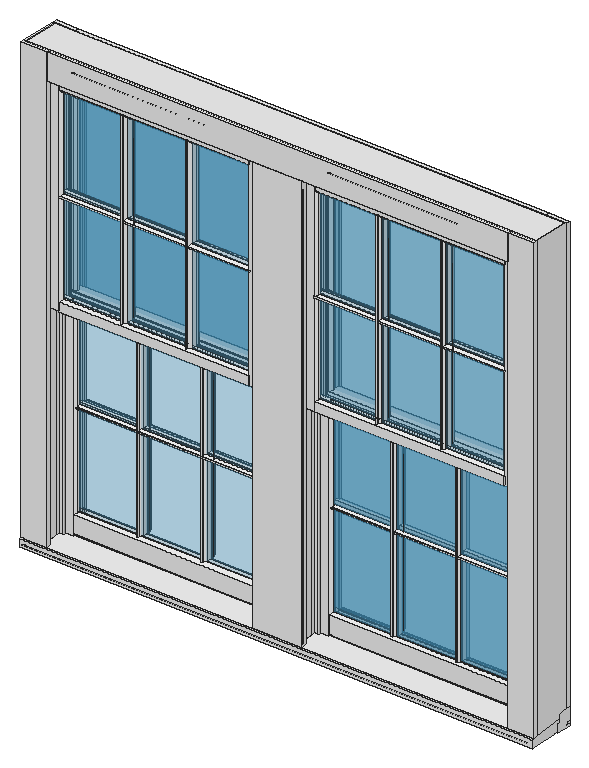
Revit family "B2-66", category Windows, host Wall, Revit 2012 (continued)
Automatic sketch dimensions
  Sweep 40 sketch curve to Sweep 40 sketch curve = 3 mm  (x3)
  Sweep 40 sketch curve to Sweep 40 sketch curve = 6 mm  (x3)
  plane 1 "Center (Front/Back)" to Sweep 40 sketch curve = 5.354 mm
  Sweep 40 sketch curve to Sweep 40 sketch curve = 37 mm
  Sweep 40 sketch curve to Sweep 40 sketch curve = 10 mm
  Sweep 40 sketch curve to Sweep 40 sketch curve = 21 mm
  Sweep 40 sketch curve to Sweep 40 sketch curve = 12 mm  (x2)
  Sweep 40 sketch curve to Sweep 40 sketch curve = 13 mm
  Sweep 40 sketch curve to Sweep 40 sketch curve = 2 mm
  Sweep 40 sketch curve to Sweep 40 sketch curve = 5 mm
  Sweep 41 sketch curve to plane 11 = 18 mm
  Sweep 41 sketch curve to plane 1 "Center (Front/Back)" = 15.271 mm
  profile plane to Sweep 41 sketch curve = 60.045 mm
  Sweep 41 sketch curve to plane 1 "Center (Front/Back)" = 5.271 mm
  Sweep 41 sketch curve to Sweep 41 sketch curve = 10 mm
  profile plane to Sweep 41 sketch curve = 44.045 mm
  profile plane to Sweep 41 sketch curve = 10.045 mm  (x2)
  profile plane to Sweep 41 sketch curve = 7.045 mm
  Sweep 41 sketch curve to Sweep 41 sketch curve = 3 mm  (x3)
  profile plane to Sweep 41 sketch curve = 4.045 mm
  Sweep 41 sketch curve to Sweep 41 sketch curve = 0 mm
  Sweep 41 sketch curve to Sweep 41 sketch curve = 8 mm
  Sweep 41 sketch curve to Sweep 41 sketch curve = 2 mm
  Sweep 41 sketch curve to Sweep 41 sketch curve = 13 mm
  Sweep 41 sketch curve to Sweep 41 sketch curve = 12 mm
  Sweep 41 sketch curve to Sweep 41 sketch curve = 21 mm
  Sweep 42 sketch curve to plane 11 = 18 mm
  plane 1 "Center (Front/Back)" to Sweep 42 sketch curve = 5.625 mm
  Sweep 42 sketch curve to Sweep 42 sketch curve = 3 mm  (x3)
  Sweep 42 sketch curve to profile plane = 10.045 mm
  Sweep 42 sketch curve to Sweep 42 sketch curve = 21 mm
  Sweep 42 sketch curve to profile plane = 4.045 mm  (x3)
  Sweep 42 sketch curve to Sweep 42 sketch curve = 12 mm  (x2)
  Sweep 42 sketch curve to Sweep 42 sketch curve = 13 mm
  Sweep 42 sketch curve to Sweep 42 sketch curve = 2 mm
  Sweep 42 sketch curve to Sweep 42 sketch curve = 5 mm
  Sweep 42 sketch curve to Sweep 42 sketch curve = 6 mm  (x2)
  Sweep 42 sketch curve to Sweep 42 sketch curve = 37 mm
  Sweep 42 sketch curve to Sweep 42 sketch curve = 10 mm
  Sweep 43 sketch curve to profile plane = 4.045 mm  (x2)
  Sweep 43 sketch curve to Sweep 43 sketch curve = 0 mm
  Sweep 43 sketch curve to Sweep 43 sketch curve = 3 mm  (x3)
  Sweep 43 sketch curve to Sweep 43 sketch curve = 6 mm  (x3)
  Sweep 43 sketch curve to Sweep 43 sketch curve = 37 mm
  Sweep 43 sketch curve to plane 1 "Center (Front/Back)" = 5.271 mm
  Sweep 43 sketch curve to Sweep 43 sketch curve = 10 mm  (x2)
  Sweep 43 sketch curve to Sweep 43 sketch curve = 5 mm
  Sweep 43 sketch curve to Sweep 43 sketch curve = 2 mm
  Sweep 43 sketch curve to Sweep 43 sketch curve = 13 mm
  Sweep 43 sketch curve to Sweep 43 sketch curve = 12 mm
  Sweep 43 sketch curve to Sweep 43 sketch curve = 21 mm
  Sweep 44 sketch curve to profile plane = 15.271 mm
  profile plane to Sweep 44 sketch curve = 60.045 mm
  Sweep 44 sketch curve to profile plane = 5.271 mm
  Sweep 44 sketch curve to Sweep 44 sketch curve = 10 mm
  profile plane to Sweep 44 sketch curve = 44.045 mm
  profile plane to Sweep 44 sketch curve = 10.045 mm  (x2)
  profile plane to Sweep 44 sketch curve = 7.045 mm
  Sweep 44 sketch curve to Sweep 44 sketch curve = 3 mm  (x3)
  profile plane to Sweep 44 sketch curve = 4.045 mm
  Sweep 44 sketch curve to Sweep 44 sketch curve = 0 mm
  Sweep 44 sketch curve to Sweep 44 sketch curve = 8 mm
  Sweep 44 sketch curve to Sweep 44 sketch curve = 2 mm
  Sweep 44 sketch curve to Sweep 44 sketch curve = 13 mm
  Sweep 44 sketch curve to Sweep 44 sketch curve = 12 mm
  Sweep 44 sketch curve to Sweep 44 sketch curve = 21 mm
  Sweep 45 sketch curve to profile plane = 14.237 mm
  Sweep 45 sketch curve to Sweep 45 sketch curve = 0 mm  (x2)
  Sweep 45 sketch curve to Sweep 45 sketch curve = 3 mm  (x3)
  Sweep 45 sketch curve to Sweep 45 sketch curve = 6 mm  (x3)
  Sweep 45 sketch curve to Sweep 45 sketch curve = 37 mm
  Sweep 45 sketch curve to profile plane = 5.271 mm
  Sweep 45 sketch curve to Sweep 45 sketch curve = 10 mm  (x2)
  Sweep 45 sketch curve to Sweep 45 sketch curve = 5 mm
  Sweep 45 sketch curve to Sweep 45 sketch curve = 2 mm
  Sweep 45 sketch curve to Sweep 45 sketch curve = 13 mm
  Sweep 45 sketch curve to Sweep 45 sketch curve = 12 mm
  Sweep 45 sketch curve to Sweep 45 sketch curve = 21 mm
  Sweep 46 sketch curve to plane 11 = 18 mm
  Sweep 46 sketch curve to profile plane = 15.271 mm
  profile plane to Sweep 46 sketch curve = 60.045 mm
  Sweep 46 sketch curve to profile plane = 5.271 mm
  Sweep 46 sketch curve to Sweep 46 sketch curve = 10 mm
  profile plane to Sweep 46 sketch curve = 44.045 mm
  profile plane to Sweep 46 sketch curve = 10.045 mm  (x2)
  profile plane to Sweep 46 sketch curve = 7.045 mm
  Sweep 46 sketch curve to Sweep 46 sketch curve = 3 mm  (x3)
  profile plane to Sweep 46 sketch curve = 4.045 mm
  Sweep 46 sketch curve to Sweep 46 sketch curve = 0 mm
  Sweep 46 sketch curve to Sweep 46 sketch curve = 8 mm
  Sweep 46 sketch curve to Sweep 46 sketch curve = 2 mm
  Sweep 46 sketch curve to Sweep 46 sketch curve = 13 mm
  Sweep 46 sketch curve to Sweep 46 sketch curve = 12 mm
  Sweep 46 sketch curve to Sweep 46 sketch curve = 21 mm
  Sweep 47 sketch curve to plane 13 = 0 mm
  Sweep 47 sketch curve to profile plane = 0 mm
  Sweep 47 sketch curve to profile plane = 61.836 mm
  Sweep 47 sketch curve to Sweep 47 sketch curve = 3 mm  (x2)
  Sweep 47 sketch curve to Sweep 47 sketch curve = 8 mm  (x2)
  profile plane to Sweep 47 sketch curve = 16 mm
  Sweep 47 sketch curve to Sweep 47 sketch curve = 4 mm  (x2)
  Sweep 47 sketch curve to Sweep 47 sketch curve = 1 mm
  Sweep 48 sketch curve to profile plane = 0 mm
  Sweep 48 sketch curve to profile plane = 61.836 mm
  Sweep 48 sketch curve to Sweep 48 sketch curve = 3 mm  (x2)
  Sweep 48 sketch curve to Sweep 48 sketch curve = 8 mm  (x2)
  profile plane to Sweep 48 sketch curve = 16 mm
  Sweep 48 sketch curve to Sweep 48 sketch curve = 4 mm  (x2)
  Sweep 48 sketch curve to Sweep 48 sketch curve = 1 mm
  Sweep 49 sketch curve to profile plane = 0 mm
  Sweep 49 sketch curve to profile plane = 61.836 mm
  Sweep 49 sketch curve to Sweep 49 sketch curve = 3 mm
  Sweep 49 sketch curve to Sweep 49 sketch curve = 8 mm  (x2)
  Sweep 49 sketch curve to profile plane = 16 mm
  Sweep 49 sketch curve to Sweep 49 sketch curve = 4 mm  (x2)
  Sweep 49 sketch curve to Sweep 49 sketch curve = 1 mm
  Sweep 49 sketch curve to profile plane = 5 mm
  Sweep 50 sketch curve to profile plane = 0 mm
  Sweep 50 sketch curve to profile plane = 61.836 mm
  Sweep 50 sketch curve to Sweep 50 sketch curve = 3 mm
  Sweep 50 sketch curve to Sweep 50 sketch curve = 8 mm  (x2)
  Sweep 50 sketch curve to profile plane = 16 mm
  Sweep 50 sketch curve to Sweep 50 sketch curve = 4 mm  (x2)
  Sweep 50 sketch curve to Sweep 50 sketch curve = 1 mm
  Sweep 50 sketch curve to profile plane = 5 mm
  Sweep 51 sketch curve to profile plane = 0 mm
  Sweep 51 sketch curve to profile plane = 61.836 mm
  Sweep 51 sketch curve to Sweep 51 sketch curve = 3 mm
  Sweep 51 sketch curve to Sweep 51 sketch curve = 8 mm  (x2)
  Sweep 51 sketch curve to profile plane = 16 mm
  Sweep 51 sketch curve to Sweep 51 sketch curve = 4 mm  (x2)
  Sweep 51 sketch curve to Sweep 51 sketch curve = 1 mm
  Sweep 51 sketch curve to profile plane = 5 mm
  Sweep 52 sketch curve to profile plane = 0 mm
  Sweep 52 sketch curve to profile plane = 61.836 mm
  Sweep 52 sketch curve to Sweep 52 sketch curve = 3 mm
  Sweep 52 sketch curve to Sweep 52 sketch curve = 8 mm  (x2)
  Sweep 52 sketch curve to profile plane = 16 mm
  Sweep 52 sketch curve to Sweep 52 sketch curve = 4 mm  (x2)
  Sweep 52 sketch curve to Sweep 52 sketch curve = 1 mm
  Sweep 52 sketch curve to profile plane = 5 mm
  Sweep 53 sketch curve to profile plane = 0 mm
  Sweep 53 sketch curve to profile plane = 61.836 mm
  Sweep 53 sketch curve to Sweep 53 sketch curve = 3 mm  (x2)
  Sweep 53 sketch curve to Sweep 53 sketch curve = 8 mm  (x2)
  profile plane to Sweep 53 sketch curve = 16 mm
  Sweep 53 sketch curve to Sweep 53 sketch curve = 4 mm  (x2)
  Sweep 53 sketch curve to Sweep 53 sketch curve = 1 mm
  Sweep 54 sketch curve to profile plane = 0 mm
  Sweep 54 sketch curve to profile plane = 61.836 mm
  Sweep 54 sketch curve to Sweep 54 sketch curve = 3 mm  (x2)
  Sweep 54 sketch curve to Sweep 54 sketch curve = 8 mm  (x2)
  profile plane to Sweep 54 sketch curve = 16 mm
  Sweep 54 sketch curve to Sweep 54 sketch curve = 4 mm  (x2)
  Sweep 54 sketch curve to Sweep 54 sketch curve = 1 mm
  Sweep 55 sketch curve to profile plane = 0 mm
  Sweep 55 sketch curve to profile plane = 61.836 mm
  Sweep 55 sketch curve to Sweep 55 sketch curve = 3 mm  (x2)
  Sweep 55 sketch curve to Sweep 55 sketch curve = 8 mm  (x2)
  profile plane to Sweep 55 sketch curve = 16 mm
  Sweep 55 sketch curve to Sweep 55 sketch curve = 4 mm  (x2)
  Sweep 55 sketch curve to Sweep 55 sketch curve = 1 mm
  Sweep 56 sketch curve to profile plane = 0 mm
  Sweep 56 sketch curve to profile plane = 61.836 mm
  Sweep 56 sketch curve to Sweep 56 sketch curve = 3 mm
  Sweep 56 sketch curve to Sweep 56 sketch curve = 8 mm  (x2)
  Sweep 56 sketch curve to profile plane = 16 mm
  Sweep 56 sketch curve to Sweep 56 sketch curve = 4 mm  (x2)
  Sweep 56 sketch curve to Sweep 56 sketch curve = 1 mm
  Sweep 56 sketch curve to profile plane = 5 mm
  Sweep 57 sketch curve to profile plane = 0 mm
  Sweep 57 sketch curve to profile plane = 61.836 mm
  Sweep 57 sketch curve to Sweep 57 sketch curve = 3 mm
  Sweep 57 sketch curve to Sweep 57 sketch curve = 8 mm  (x2)
  Sweep 57 sketch curve to profile plane = 16 mm
  Sweep 57 sketch curve to Sweep 57 sketch curve = 4 mm  (x2)
  Sweep 57 sketch curve to Sweep 57 sketch curve = 1 mm
  Sweep 57 sketch curve to profile plane = 5 mm
  Sweep 58 sketch curve to profile plane = 0 mm
  Sweep 58 sketch curve to profile plane = 61.836 mm
  Sweep 58 sketch curve to Sweep 58 sketch curve = 3 mm
  Sweep 58 sketch curve to Sweep 58 sketch curve = 8 mm  (x2)
  Sweep 58 sketch curve to profile plane = 16 mm
  Sweep 58 sketch curve to Sweep 58 sketch curve = 4 mm  (x2)
  Sweep 58 sketch curve to Sweep 58 sketch curve = 1 mm
  Sweep 58 sketch curve to profile plane = 5 mm
  Extrusion 61 sketch curve to plane 14 = 0 mm
  plane 27 to Extrusion 61 sketch curve = 0 mm
  Extrusion 61 sketch curve to plane 9 = 0 mm
  Extrusion 61 sketch curve to plane 13 = 0 mm
  Extrusion 62 sketch curve to plane 14 = 0 mm
  plane 27 to Extrusion 62 sketch curve = 0 mm
  Extrusion 62 sketch curve to plane 9 = 0 mm
  Extrusion 62 sketch curve to plane 13 = 0 mm
  Extrusion 63 sketch curve to plane 14 = 0 mm
  Extrusion 63 sketch curve to plane 26 = 0 mm
  Extrusion 63 sketch curve to plane 9 = 0 mm
  plane 12 to Extrusion 63 sketch curve = 0 mm
  Extrusion 64 sketch curve to plane 14 = 0 mm
  Extrusion 64 sketch curve to plane 26 = 0 mm
  Extrusion 64 sketch curve to plane 9 = 0 mm
  plane 12 to Extrusion 64 sketch curve = 0 mm
  Extrusion 65 sketch curve to plane 14 = 0 mm
  Extrusion 65 sketch curve to plane 26 = 0 mm
  Extrusion 65 sketch curve to plane 9 = 0 mm
  plane 11 to Extrusion 65 sketch curve = 0 mm
  Extrusion 66 sketch curve to plane 14 = 0 mm
  Extrusion 66 sketch curve to plane 26 = 0 mm
  Extrusion 66 sketch curve to plane 9 = 0 mm
  plane 12 to Extrusion 66 sketch curve = 0 mm
  Extrusion 67 sketch curve to plane 14 = 0 mm
  Extrusion 67 sketch curve to plane 26 = 0 mm
  Extrusion 67 sketch curve to plane 9 = 0 mm
  plane 12 to Extrusion 67 sketch curve = 0 mm
  Extrusion 70 sketch curve to plane 9 = 0 mm
  plane 27 to Extrusion 70 sketch curve = 0 mm
  Extrusion 70 sketch curve to plane 13 = 0 mm
  Extrusion 70 sketch curve to plane 15 = 0 mm
  Extrusion 71 sketch curve to plane 9 = 0 mm
  plane 27 to Extrusion 71 sketch curve = 0 mm
  Extrusion 71 sketch curve to plane 13 = 0 mm
  Extrusion 71 sketch curve to plane 15 = 0 mm
  plane 27 to Extrusion 72 sketch curve = 0 mm
  Extrusion 72 sketch curve to plane 13 = 0 mm
  Extrusion 72 sketch curve to plane 15 = 0 mm
  Extrusion 72 sketch curve to plane 9 = 6 mm
  Extrusion 73 sketch curve to plane 9 = 0 mm
  Extrusion 73 sketch curve to plane 26 = 0 mm
  plane 12 to Extrusion 73 sketch curve = 0 mm
  Extrusion 73 sketch curve to plane 15 = 0 mm
  Extrusion 74 sketch curve to plane 9 = 0 mm
  Extrusion 74 sketch curve to plane 26 = 0 mm
  plane 12 to Extrusion 74 sketch curve = 0 mm
  Extrusion 74 sketch curve to plane 15 = 0 mm
  Extrusion 75 sketch curve to plane 9 = 0 mm
  plane 27 to Extrusion 75 sketch curve = 0 mm
  Extrusion 75 sketch curve to plane 13 = 0 mm
  Extrusion 75 sketch curve to plane 15 = 0 mm
  Extrusion 76 sketch curve to plane 9 = 0 mm
  plane 27 to Extrusion 76 sketch curve = 0 mm
  Extrusion 76 sketch curve to plane 13 = 0 mm
  Extrusion 76 sketch curve to plane 15 = 0 mm
  Extrusion 77 sketch curve to plane 9 = 0 mm
  Extrusion 77 sketch curve to plane 26 = 0 mm
  plane 12 to Extrusion 77 sketch curve = 0 mm
  Extrusion 77 sketch curve to plane 15 = 0 mm
  Extrusion 78 sketch curve to plane 9 = 0 mm
  Extrusion 78 sketch curve to plane 26 = 0 mm
  plane 12 to Extrusion 78 sketch curve = 0 mm
  Extrusion 78 sketch curve to plane 15 = 0 mm
  plane 5 "Right" to Sweep 79 sketch curve = 0 mm
  Sweep 79 sketch curve to plane 6 "Sill" = 0 mm
  Sweep 79 sketch curve to profile plane = 0 mm
  Sweep 79 sketch curve to profile plane = 87 mm
  Sweep 79 sketch curve to Sweep 79 sketch curve = 15 mm
  Sweep 79 sketch curve to Sweep 79 sketch curve = 0 mm  (x4)
  profile plane to Sweep 79 sketch curve = 5.921 mm
  Sweep 79 sketch curve to Sweep 79 sketch curve = 76.079 mm
  plane 4 "Left" to Sweep 80 sketch curve = 0 mm
  Sweep 80 sketch curve to plane 6 "Sill" = 0 mm
  plane 1 "Center (Front/Back)" to Sweep 80 sketch curve = 72 mm
  profile plane to Sweep 80 sketch curve = 0.079 mm
  Sweep 80 sketch curve to Sweep 80 sketch curve = 15 mm
  Sweep 80 sketch curve to profile plane = 5.921 mm
  Sweep 80 sketch curve to Sweep 80 sketch curve = 94 mm
  plane 4 "Left" to Sweep 81 sketch curve = 0 mm
  Sweep 81 sketch curve to plane 6 "Sill" = 0 mm
  Sweep 81 sketch curve to profile plane = 0 mm
  Sweep 81 sketch curve to profile plane = 87 mm
  Sweep 81 sketch curve to Sweep 81 sketch curve = 15 mm
  Sweep 81 sketch curve to Sweep 81 sketch curve = 0 mm  (x2)
  Sweep 81 sketch curve to Sweep 81 sketch curve = 65 mm
  Sweep 81 sketch curve to Sweep 81 sketch curve = 17 mm
  Sweep 82 sketch curve to plane 1 "Center (Front/Back)" = 0 mm
  plane 5 "Right" to Sweep 82 sketch curve = 5.921 mm
  Sweep 82 sketch curve to plane 5 "Right" = 0.079 mm
  profile plane to Sweep 82 sketch curve = 72 mm
  profile plane to Sweep 82 sketch curve = 33 mm
  Sweep 82 sketch curve to profile plane = 72 mm
  Sweep 82 sketch curve to Sweep 82 sketch curve = 0 mm  (x2)
  Sweep 82 sketch curve to Sweep 82 sketch curve = 335 mm
  Sweep 82 sketch curve to Sweep 82 sketch curve = 18 mm
  Sweep 82 sketch curve to Sweep 82 sketch curve = 12 mm
  level to Sweep 82 sketch curve = 268.614 mm
  Sweep 82 sketch curve to Sweep 82 sketch curve = 4.789 mm
  Sweep 82 sketch curve to Sweep 82 sketch curve = 4.913 mm  (x2)
  Sweep 82 sketch curve to Sweep 82 sketch curve = 3 mm
  Sweep 82 sketch curve to Sweep 82 sketch curve = 12.892 mm
  plane 1 "Center (Front/Back)" to Sweep 83 sketch curve = 0 mm
  plane 4 "Left" to Sweep 83 sketch curve = 5.921 mm
  Sweep 83 sketch curve to plane 4 "Left" = 0.079 mm
  profile plane to Sweep 83 sketch curve = 72 mm
  Sweep 83 sketch curve to profile plane = 33 mm
  Sweep 83 sketch curve to Sweep 83 sketch curve = 39 mm
  Sweep 83 sketch curve to Sweep 83 sketch curve = 365 mm
  level to Sweep 83 sketch curve = 268.614 mm
  Sweep 83 sketch curve to Sweep 83 sketch curve = 4.789 mm
  Sweep 83 sketch curve to Sweep 83 sketch curve = 4.913 mm  (x2)
  Sweep 83 sketch curve to Sweep 83 sketch curve = 3 mm
  Sweep 83 sketch curve to Sweep 83 sketch curve = 12.892 mm
  Sweep 84 sketch curve to profile plane = 0 mm
  Sweep 84 sketch curve to profile plane = 6 mm
  Sweep 84 sketch curve to Sweep 84 sketch curve = 59 mm
  Sweep 84 sketch curve to Sweep 84 sketch curve = 8 mm
  Sweep 84 sketch curve to Sweep 84 sketch curve = 9 mm
  Sweep 84 sketch curve to plane 1 "Center (Front/Back)" = 87 mm
  Sweep 84 sketch curve to Sweep 84 sketch curve = 15 mm  (x2)
  Sweep 84 sketch curve to Sweep 84 sketch curve = 5 mm  (x2)
  Sweep 85 sketch curve to plane 20 = 0 mm
  Sweep 85 sketch curve to plane 27 = 5.8 mm
  Sweep 85 sketch curve to plane 13 = 6 mm
  Sweep 85 sketch curve to plane 1 "Center (Front/Back)" = 7.41 mm
  profile plane to Sweep 85 sketch curve = 20.67 mm
  Sweep 85 sketch curve to Sweep 85 sketch curve = 0.569 mm
  Sweep 85 sketch curve to Sweep 85 sketch curve = 1.784 mm
  Sweep 85 sketch curve to Sweep 85 sketch curve = 2.978 mm  (x2)
  Sweep 85 sketch curve to Sweep 85 sketch curve = 1.351 mm
  Sweep 85 sketch curve to Sweep 85 sketch curve = 5.632 mm
  profile plane to Sweep 85 sketch curve = 0.002 mm
  Sweep 85 sketch curve to profile plane = 1.349 mm
  Sweep 85 sketch curve to profile plane = 1.717 mm
  Sweep 85 sketch curve to profile plane = 2.376 mm
  Sweep 85 sketch curve to profile plane = 4.998 mm  (x2)
  Sweep 85 sketch curve to Sweep 85 sketch curve = 6 mm  (x2)
  Sweep 85 sketch curve to Sweep 85 sketch curve = 39.334 mm
  Sweep 85 sketch curve to Sweep 85 sketch curve = 0 mm
  Sweep 85 sketch curve to plane 1 "Center (Front/Back)" = 4.045 mm
  Sweep 85 sketch curve to Sweep 85 sketch curve = 10 mm
  Sweep 85 sketch curve to Sweep 85 sketch curve = 5 mm  (x2)
  Sweep 85 sketch curve to plane 1 "Center (Front/Back)" = 14.045 mm
  Sweep 85 sketch curve to Sweep 85 sketch curve = 3 mm  (x2)
  Sweep 85 sketch curve to Sweep 85 sketch curve = 12 mm
  Sweep 85 sketch curve to Sweep 85 sketch curve = 11 mm  (x2)
  Sweep 85 sketch curve to Sweep 85 sketch curve = 14 mm
  Sweep 85 sketch curve to Sweep 85 sketch curve = 8 mm
  Sweep 85 sketch curve to Sweep 85 sketch curve = 4 mm
  Sweep 85 sketch curve to Sweep 85 sketch curve = 0.366 mm
  Sweep 86 sketch curve to plane 7 "Top" = 0 mm
  Sweep 86 sketch curve to plane 13 = 5 mm
  Sweep 86 sketch curve to plane 27 = 5.993 mm
  profile plane to Sweep 86 sketch curve = 53.47 mm
  profile plane to Sweep 86 sketch curve = 141.983 mm
  profile plane to Sweep 86 sketch curve = 65.47 mm
  Sweep 86 sketch curve to Sweep 86 sketch curve = 10 mm
  profile plane to Sweep 86 sketch curve = 5.47 mm
  Sweep 86 sketch curve to Sweep 86 sketch curve = 16 mm
  profile plane to Sweep 86 sketch curve = 0.181 mm
  Sweep 86 sketch curve to Sweep 86 sketch curve = 29.983 mm
  Sweep 86 sketch curve to Sweep 86 sketch curve = 4.017 mm
  Sweep 86 sketch curve to Sweep 86 sketch curve = 37 mm
  Sweep 86 sketch curve to Sweep 86 sketch curve = 7.017 mm
  Sweep 86 sketch curve to Sweep 86 sketch curve = 3 mm  (x2)
  Sweep 86 sketch curve to Sweep 86 sketch curve = 0 mm
  Sweep 86 sketch curve to profile plane = 3.819 mm
  Sweep 86 sketch curve to Sweep 86 sketch curve = 6.983 mm
  Sweep 86 sketch curve to Sweep 86 sketch curve = 7 mm
  Sweep 86 sketch curve to Sweep 86 sketch curve = 5 mm
  Sweep 86 sketch curve to Sweep 86 sketch curve = 2 mm
  Sweep 87 sketch curve to plane 9 = 0 mm
  Sweep 87 sketch curve to plane 13 = 6 mm
  profile plane to Sweep 87 sketch curve = 6.164 mm
  profile plane to Sweep 87 sketch curve = 22 mm  (x2)
  Sweep 87 sketch curve to Sweep 87 sketch curve = 2 mm  (x2)
  Sweep 87 sketch curve to Sweep 87 sketch curve = 3 mm
  Sweep 87 sketch curve to Sweep 87 sketch curve = 4 mm  (x2)
  Sweep 87 sketch curve to profile plane = 12 mm
  Sweep 87 sketch curve to Sweep 87 sketch curve = 16 mm
  Sweep 88 sketch curve to plane 9 = 0 mm
  Sweep 88 sketch curve to plane 26 = 13 mm
  plane 27 to Sweep 89 sketch curve = 13 mm
  plane 1 "Center (Front/Back)" to Sweep 90 sketch curve = 0 mm
  plane 4 "Left" to Sweep 90 sketch curve = 125 mm
  Sweep 90 sketch curve to plane 5 "Right" = 148 mm
  profile plane to Sweep 90 sketch curve = 100.24 mm
  Sweep 90 sketch curve to Sweep 90 sketch curve = 9.24 mm
  Sweep 90 sketch curve to Sweep 90 sketch curve = 2.634 mm
  Sweep 90 sketch curve to Sweep 90 sketch curve = 0.366 mm
  Sweep 90 sketch curve to profile plane = 33 mm
  Sweep 90 sketch curve to Sweep 90 sketch curve = 34 mm
  Sweep 90 sketch curve to Sweep 90 sketch curve = 44 mm
  Sweep 90 sketch curve to Sweep 90 sketch curve = 10 mm  (x4)
  Sweep 90 sketch curve to Sweep 90 sketch curve = 15 mm
  level to Sweep 90 sketch curve = 170 mm
  Sweep 90 sketch curve to Sweep 90 sketch curve = 30 mm  (x2)
  Sweep 90 sketch curve to Sweep 90 sketch curve = 30.121 mm
  Sweep 90 sketch curve to Sweep 90 sketch curve = 28 mm
  Sweep 90 sketch curve to Sweep 90 sketch curve = 4.913 mm  (x2)
  Sweep 90 sketch curve to Sweep 90 sketch curve = 3 mm
  Sweep 90 sketch curve to Sweep 90 sketch curve = 48 mm
  Sweep 91 sketch curve to plane 16 = 0 mm
  Sweep 91 sketch curve to plane 25 = 0 mm
  Sweep 91 sketch curve to plane 23 = 10 mm
  profile plane to Sweep 91 sketch curve = 70.237 mm
  Sweep 91 sketch curve to Sweep 91 sketch curve = 10 mm
  plane 1 "Center (Front/Back)" to Sweep 91 sketch curve = 5.354 mm
  Sweep 91 sketch curve to Sweep 91 sketch curve = 16 mm
  profile plane to Sweep 91 sketch curve = 20.237 mm
  Sweep 91 sketch curve to Sweep 91 sketch curve = 0 mm  (x2)
  plane 1 "Center (Front/Back)" to Sweep 91 sketch curve = 8.354 mm
  profile plane to Sweep 91 sketch curve = 17.237 mm
  Sweep 91 sketch curve to Sweep 91 sketch curve = 3 mm  (x2)
  Sweep 91 sketch curve to Sweep 91 sketch curve = 6 mm
  Sweep 91 sketch curve to Sweep 91 sketch curve = 21 mm
  Sweep 91 sketch curve to Sweep 91 sketch curve = 12 mm  (x2)
  Sweep 91 sketch curve to Sweep 91 sketch curve = 13 mm
  Sweep 91 sketch curve to Sweep 91 sketch curve = 2 mm
  Sweep 91 sketch curve to Sweep 91 sketch curve = 5 mm
  profile plane to Sweep 92 sketch curve = 9.723 mm  (x2)
  profile plane to Sweep 92 sketch curve = 2.223 mm
  profile plane to Sweep 92 sketch curve = 2.172 mm
  Sweep 92 sketch curve to profile plane = 8.277 mm
  Sweep 92 sketch curve to profile plane = 10.277 mm
  profile plane to Sweep 92 sketch curve = 9.529 mm
  Sweep 92 sketch curve to Sweep 92 sketch curve = 2 mm  (x3)
  Sweep 92 sketch curve to Sweep 92 sketch curve = 6 mm
  Sweep 92 sketch curve to Sweep 92 sketch curve = 26.385 mm
  Sweep 92 sketch curve to Sweep 92 sketch curve = 2.8 mm
  profile plane to Sweep 93 sketch curve = 9.723 mm
  Sweep 93 sketch curve to profile plane = 10.277 mm
  plane 1 "Center (Front/Back)" to Sweep 93 sketch curve = 31.765 mm
  Sweep 93 sketch curve to Sweep 93 sketch curve = 16 mm
  Sweep 94 sketch curve to plane 31 = 0 mm
  Sweep 94 sketch curve to plane 13 = 0 mm
  Sweep 94 sketch curve to plane 27 = 12 mm
  profile plane to Sweep 94 sketch curve = 10.277 mm
  Sweep 94 sketch curve to profile plane = 9.723 mm
  plane 1 "Center (Front/Back)" to Sweep 94 sketch curve = 31.765 mm
  Sweep 94 sketch curve to Sweep 94 sketch curve = 16 mm
  Sweep 95 sketch curve to plane 27 = 5 mm
  Sweep 95 sketch curve to plane 13 = 6 mm
  profile plane to Sweep 95 sketch curve = 9.723 mm  (x2)
  profile plane to Sweep 95 sketch curve = 2.223 mm
  profile plane to Sweep 95 sketch curve = 2.172 mm
  Sweep 95 sketch curve to profile plane = 8.277 mm
  Sweep 95 sketch curve to profile plane = 10.277 mm
  profile plane to Sweep 95 sketch curve = 9.529 mm
  Sweep 95 sketch curve to Sweep 95 sketch curve = 2 mm  (x3)
  Sweep 95 sketch curve to Sweep 95 sketch curve = 6 mm
  Sweep 95 sketch curve to Sweep 95 sketch curve = 26.385 mm
  Sweep 95 sketch curve to Sweep 95 sketch curve = 2.8 mm
  profile plane to Sweep 96 sketch curve = 9.723 mm  (x2)
  profile plane to Sweep 96 sketch curve = 2.223 mm
  profile plane to Sweep 96 sketch curve = 2.172 mm
  Sweep 96 sketch curve to profile plane = 8.277 mm
  Sweep 96 sketch curve to profile plane = 10.277 mm
  Sweep 96 sketch curve to profile plane = 64.346 mm
  Sweep 96 sketch curve to Sweep 96 sketch curve = 2 mm  (x3)
  Sweep 96 sketch curve to Sweep 96 sketch curve = 6 mm
  Sweep 96 sketch curve to profile plane = 19.961 mm
  Sweep 96 sketch curve to Sweep 96 sketch curve = 2.8 mm
  profile plane to Sweep 97 sketch curve = 9.723 mm
  Sweep 97 sketch curve to profile plane = 10.277 mm
  Sweep 97 sketch curve to plane 1 "Center (Front/Back)" = 43.235 mm
  Sweep 97 sketch curve to Sweep 97 sketch curve = 16 mm
  profile plane to Sweep 98 sketch curve = 18.661 mm
  Sweep 98 sketch curve to profile plane = 1.339 mm
  Sweep 98 sketch curve to plane 1 "Center (Front/Back)" = 43.235 mm
  Sweep 98 sketch curve to Sweep 98 sketch curve = 16 mm
  Sweep 99 sketch curve to plane 27 = 5 mm
  Sweep 99 sketch curve to plane 13 = 6 mm
  profile plane to Sweep 99 sketch curve = 9.723 mm  (x2)
  profile plane to Sweep 99 sketch curve = 2.223 mm
  profile plane to Sweep 99 sketch curve = 2.172 mm
  Sweep 99 sketch curve to profile plane = 8.277 mm
  Sweep 99 sketch curve to profile plane = 10.277 mm
  Sweep 99 sketch curve to profile plane = 64.346 mm
  Sweep 99 sketch curve to Sweep 99 sketch curve = 2 mm  (x3)
  Sweep 99 sketch curve to Sweep 99 sketch curve = 6 mm
  Sweep 99 sketch curve to profile plane = 19.961 mm
  Sweep 99 sketch curve to Sweep 99 sketch curve = 2.8 mm
  Sweep 100 sketch curve to plane 24 = 0 mm
  Sweep 100 sketch curve to plane 14 = 5.983 mm
  profile plane to Sweep 100 sketch curve = 8.934 mm  (x2)
  profile plane to Sweep 100 sketch curve = 1.485 mm
  profile plane to Sweep 100 sketch curve = 1.434 mm
  Sweep 100 sketch curve to profile plane = 9.066 mm
  Sweep 100 sketch curve to profile plane = 11.066 mm
  profile plane to Sweep 100 sketch curve = 8.029 mm
  Sweep 100 sketch curve to Sweep 100 sketch curve = 2 mm  (x3)
  Sweep 100 sketch curve to Sweep 100 sketch curve = 6 mm
  Sweep 100 sketch curve to Sweep 100 sketch curve = 28.385 mm
  Sweep 100 sketch curve to Sweep 100 sketch curve = 2.8 mm
  plane 33 to Sweep 101 sketch curve = 0 mm
  Sweep 101 sketch curve to plane 25 = 0 mm
  plane 15 to Sweep 101 sketch curve = 2.332 mm
  profile plane to Sweep 101 sketch curve = 3.566 mm
  Sweep 101 sketch curve to profile plane = 65.721 mm
  Sweep 101 sketch curve to Sweep 101 sketch curve = 2 mm  (x3)
  Sweep 101 sketch curve to Sweep 101 sketch curve = 2.5 mm
  Sweep 101 sketch curve to profile plane = 6.934 mm
  Sweep 101 sketch curve to Sweep 101 sketch curve = 6 mm
  Sweep 101 sketch curve to profile plane = 8.934 mm
  Sweep 101 sketch curve to profile plane = 19.336 mm
  Sweep 101 sketch curve to Sweep 101 sketch curve = 2.8 mm
  profile plane to Sweep 101 sketch curve = 3.515 mm
  profile plane to Sweep 101 sketch curve = 11.066 mm
  Sweep 102 sketch curve to plane 24 = 0 mm
  Sweep 102 sketch curve to plane 14 = 0 mm
  profile plane to Sweep 102 sketch curve = 10.277 mm
  Sweep 102 sketch curve to profile plane = 9.723 mm
  plane 1 "Center (Front/Back)" to Sweep 102 sketch curve = 31.765 mm
  Sweep 102 sketch curve to Sweep 102 sketch curve = 16 mm
  Sweep 103 sketch curve to plane 15 = 0 mm
  Sweep 103 sketch curve to plane 25 = 0 mm
  Sweep 103 sketch curve to profile plane = 10 mm
  Sweep 103 sketch curve to plane 1 "Center (Front/Back)" = 41.045 mm
  Sweep 103 sketch curve to Sweep 103 sketch curve = 16 mm
  profile plane to Sweep 103 sketch curve = 10 mm
  Sweep 104 sketch curve to plane 24 = 0 mm
  Sweep 104 sketch curve to plane 14 = 4.983 mm
  profile plane to Sweep 104 sketch curve = 11.066 mm  (x2)
  profile plane to Sweep 104 sketch curve = 3.566 mm
  profile plane to Sweep 104 sketch curve = 3.515 mm
  Sweep 104 sketch curve to profile plane = 6.934 mm
  Sweep 104 sketch curve to profile plane = 8.934 mm
  profile plane to Sweep 104 sketch curve = 8.029 mm
  Sweep 104 sketch curve to Sweep 104 sketch curve = 2 mm  (x3)
  Sweep 104 sketch curve to Sweep 104 sketch curve = 6 mm
  Sweep 104 sketch curve to Sweep 104 sketch curve = 28.385 mm
  Sweep 104 sketch curve to Sweep 104 sketch curve = 2.8 mm
  Sweep 105 sketch curve to plane 15 = 0 mm
  plane 34 to Sweep 105 sketch curve = 0 mm
  Sweep 105 sketch curve to plane 25 = 0 mm
  Sweep 105 sketch curve to profile plane = 3.566 mm
  Sweep 105 sketch curve to profile plane = 68.846 mm
  Sweep 105 sketch curve to Sweep 105 sketch curve = 2 mm  (x3)
  Sweep 105 sketch curve to Sweep 105 sketch curve = 2.5 mm
  profile plane to Sweep 105 sketch curve = 6.934 mm
  Sweep 105 sketch curve to Sweep 105 sketch curve = 6 mm
  profile plane to Sweep 105 sketch curve = 8.934 mm
  Sweep 105 sketch curve to profile plane = 22.461 mm
  Sweep 105 sketch curve to Sweep 105 sketch curve = 2.8 mm
  Sweep 105 sketch curve to profile plane = 3.515 mm
  Sweep 105 sketch curve to profile plane = 11.066 mm
  Sweep 106 sketch curve to plane 24 = 0 mm
  Sweep 106 sketch curve to plane 14 = 0 mm
  profile plane to Sweep 106 sketch curve = 10.348 mm
  Sweep 106 sketch curve to profile plane = 9.652 mm
  plane 1 "Center (Front/Back)" to Sweep 106 sketch curve = 31.765 mm
  Sweep 106 sketch curve to Sweep 106 sketch curve = 16 mm
  Sweep 107 sketch curve to plane 15 = 0 mm
  Sweep 107 sketch curve to plane 25 = 0 mm
  profile plane to Sweep 107 sketch curve = 10 mm
  Sweep 107 sketch curve to plane 1 "Center (Front/Back)" = 41.045 mm
  Sweep 107 sketch curve to Sweep 107 sketch curve = 16 mm
  Sweep 107 sketch curve to profile plane = 10 mm
  Sweep 108 sketch curve to plane 24 = 0 mm
  Sweep 108 sketch curve to plane 14 = 0 mm
  profile plane to Sweep 108 sketch curve = 9.723 mm
  Sweep 108 sketch curve to profile plane = 10.277 mm
  plane 1 "Center (Front/Back)" to Sweep 108 sketch curve = 31.765 mm
  Sweep 108 sketch curve to Sweep 108 sketch curve = 16 mm
  plane 1 "Center (Front/Back)" to Sweep 89 sketch curve = 4.291 mm  (x2)
  profile plane to Sweep 89 sketch curve = 21.997 mm
  Sweep 89 sketch curve to Sweep 89 sketch curve = 0 mm  (x3)
  Sweep 89 sketch curve to Sweep 89 sketch curve = 5 mm  (x2)
  Sweep 89 sketch curve to plane 1 "Center (Front/Back)" = 3.586 mm
  Sweep 89 sketch curve to Sweep 89 sketch curve = 7.364 mm
  Sweep 89 sketch curve to Sweep 89 sketch curve = 0.678 mm
  Sweep 89 sketch curve to Sweep 89 sketch curve = 0.824 mm
  profile plane to Sweep 89 sketch curve = 6.997 mm
  Sweep 89 sketch curve to Sweep 89 sketch curve = 1.861 mm
  profile plane to Sweep 89 sketch curve = 5.997 mm
  Sweep 89 sketch curve to plane 1 "Center (Front/Back)" = 0.6 mm
  Sweep 89 sketch curve to Sweep 89 sketch curve = 1.446 mm
  Sweep 89 sketch curve to Sweep 89 sketch curve = 1.018 mm
  Sweep 89 sketch curve to Sweep 89 sketch curve = 0.597 mm
  Sweep 89 sketch curve to plane 1 "Center (Front/Back)" = 2.014 mm
  Sweep 89 sketch curve to Sweep 89 sketch curve = 0.817 mm
  Sweep 89 sketch curve to Sweep 89 sketch curve = 1 mm  (x3)
  Sweep 89 sketch curve to Sweep 89 sketch curve = 2.439 mm
  Sweep 89 sketch curve to profile plane = 6.003 mm
  Sweep 89 sketch curve to plane 1 "Center (Front/Back)" = 1.709 mm
  plane 1 "Center (Front/Back)" to Sweep 89 sketch curve = 0.291 mm
  Sweep 89 sketch curve to Sweep 89 sketch curve = 10 mm
  Sweep 89 sketch curve to Sweep 89 sketch curve = 12 mm
  Sweep 89 sketch curve to Sweep 89 sketch curve = 2.057 mm
  Sweep 89 sketch curve to Sweep 89 sketch curve = 1.127 mm
  Sweep 89 sketch curve to Sweep 89 sketch curve = 0.608 mm  (x2)
  Sweep 89 sketch curve to Sweep 89 sketch curve = 4.862 mm
  Sweep 89 sketch curve to Sweep 89 sketch curve = 1.359 mm
  Sweep 89 sketch curve to Sweep 89 sketch curve = 5.779 mm
  Sweep 89 sketch curve to Sweep 89 sketch curve = 26 mm
  Sweep 89 sketch curve to plane 1 "Center (Front/Back)" = 2.709 mm
  Sweep 89 sketch curve to plane 1 "Center (Front/Back)" = 0.709 mm
  Sweep 89 sketch curve to Sweep 89 sketch curve = 18 mm
  Sweep 89 sketch curve to Sweep 89 sketch curve = 3 mm
  plane 1 "Center (Front/Back)" to Sweep 88 sketch curve = 0.291 mm
  profile plane to Sweep 88 sketch curve = 22.003 mm
  Sweep 88 sketch curve to Sweep 88 sketch curve = 0 mm  (x2)
  Sweep 88 sketch curve to Sweep 88 sketch curve = 4 mm
  Sweep 88 sketch curve to Sweep 88 sketch curve = 5 mm
  profile plane to Sweep 88 sketch curve = 7.003 mm
  profile plane to Sweep 88 sketch curve = 6.003 mm
  Sweep 88 sketch curve to profile plane = 2.541 mm
  Sweep 88 sketch curve to Sweep 88 sketch curve = 0.595 mm
  Sweep 88 sketch curve to Sweep 88 sketch curve = 1 mm  (x2)
  Sweep 88 sketch curve to plane 1 "Center (Front/Back)" = 1.859 mm
  Sweep 88 sketch curve to Sweep 88 sketch curve = 1.157 mm
  Sweep 88 sketch curve to Sweep 88 sketch curve = 0.817 mm
  Sweep 88 sketch curve to plane 1 "Center (Front/Back)" = 0.445 mm
  Sweep 88 sketch curve to Sweep 88 sketch curve = 0.597 mm
  Sweep 88 sketch curve to profile plane = 5.997 mm
  Sweep 88 sketch curve to Sweep 88 sketch curve = 0.862 mm
  Sweep 88 sketch curve to plane 1 "Center (Front/Back)" = 0.709 mm
  Sweep 88 sketch curve to Sweep 88 sketch curve = 1.29 mm
  Sweep 88 sketch curve to Sweep 88 sketch curve = 1.969 mm
  Sweep 88 sketch curve to Sweep 88 sketch curve = 1.861 mm
  Sweep 88 sketch curve to Sweep 88 sketch curve = 0.145 mm
  Sweep 88 sketch curve to Sweep 88 sketch curve = 0.824 mm
  Sweep 88 sketch curve to plane 1 "Center (Front/Back)" = 2.709 mm
  Sweep 88 sketch curve to Sweep 88 sketch curve = 7.208 mm
  Sweep 88 sketch curve to Sweep 88 sketch curve = 16 mm
  Sweep 88 sketch curve to plane 1 "Center (Front/Back)" = 3.431 mm
  Sweep 88 sketch curve to Sweep 88 sketch curve = 2.057 mm
  Sweep 88 sketch curve to Sweep 88 sketch curve = 1.127 mm
  Sweep 88 sketch curve to Sweep 88 sketch curve = 0.763 mm  (x2)
  Sweep 88 sketch curve to Sweep 88 sketch curve = 4.707 mm
  Sweep 88 sketch curve to Sweep 88 sketch curve = 1.514 mm
  Sweep 88 sketch curve to Sweep 88 sketch curve = 5.779 mm
  Sweep 88 sketch curve to Sweep 88 sketch curve = 26 mm
  Sweep 88 sketch curve to plane 1 "Center (Front/Back)" = 1.709 mm
  plane 1 "Center (Front/Back)" to Sweep 88 sketch curve = 4.291 mm  (x2)
  Sweep 88 sketch curve to Sweep 88 sketch curve = 18 mm
  Sweep 88 sketch curve to Sweep 88 sketch curve = 3 mm
  radius of Sweep 8 sketch curve = 3.5 mm  (x2)
  radius of Sweep 10 sketch curve = 3.5 mm  (x2)
  radius of Sweep 16 sketch curve = 3.5 mm  (x2)
  radius of Sweep 17 sketch curve = 3.5 mm  (x2)
